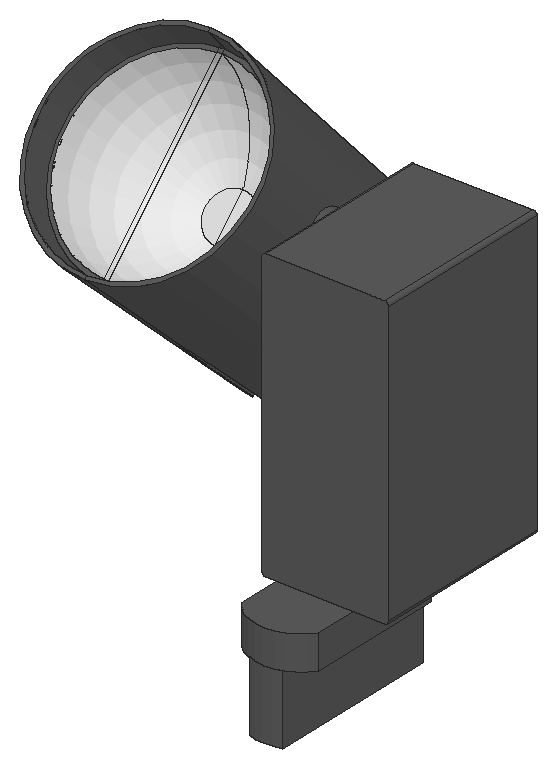
Revit family "0004852 Feilo Sylvania Lighting Fixture START TRACK SPOT S 24W 4K RA80 WB BLACK", category Lighting Fixtures, host Face, Revit 2017 (continued)
Definition of nested family "Start Track Spot Head"
  Types (96, lengths in mm): name | Wattage | built-in parameter 1150134 | Photometric Web File | Model | built-in parameter 1150105 | Lumens | built-in parameter 1150107 | built-in parameter 1150106 | HeadThickness_FEILO | HeadRibOffset_FEILO | HeadRibDepth_FEILO | HeadRibCutWidth_FEILO | HeadRibCutOffset_FEILO | HeadReflectorRadius_FEILO | HeadReflectorOffset_FEILO | HeadLEDRadius_FEILO | HeadHeight_FEILO | HeadDiffusorOffset_FEILO | HeadDiaOut_FEILO | HeadDiaIn_FEILO | HeadAxisFromTop_FEILO | Emit from Circle Diameter | built-in parameter 1150104 | Description | Apparent Load
    0004864 START TRACK SPOT S 24W 3K RA90 WB WHITE | 24 W | (empty or 0) | "0004864.ies" | "START TRACK SPOT S 24W 3K RA90 WB WHITE" | 152.79 (stored number, unit not read) | 1920 lm | 3000 (stored number, unit not read) | 1.5279 (stored number, unit not read) | 1.5 | 4.179 | 55.714 | 7.167 | 50.87 | 50.588 | 55.714 | 9.556 | 117 | 9.435 | 86 | 77.477 | 69.354 | 77.477 | 7.4322 (stored number, unit not read) | "Integrated LED spotlight, Textured White - RAL9016, compact and minimalist design, ideal for retail applications, die-cast aluminium body, passive cooling heatsink. Beam angle: 64°, color temperature: 3000K , total system power: 24W, total fixture output: 1928 lm, LOR: 100%, colour rendering: Ra: 90 typical, LED Chromaticity: 3 step MacAdam ellipse, lifetime: >50000 hours at L70B50, energy class: A++, A+, A, IR/UV free light source without heat radiation, operating voltage: 220-240V / 50-60Hz, drive current: 600mA, electronic driver, non-dimmable, power factor: 0.95, electrical protection: Class II, Global Track 3 Phase adapter suitable for Global trac 3-circuit tracks, ingress protection rating: IP20, suitable for internal environment only, horizontal rotation: 355°, vertical tilt: 90°, dimensions: Ø86x140x200, weight: 0.966kg." | 24 VA
    0004863 START TRACK SPOT S 24W 3K RA90 MB WHITE | 24 W | (empty or 0) | "0004863.ies" | "START TRACK SPOT S 24W 3K RA90 MB WHITE" | 154.7 (stored number, unit not read) | 1944 lm | 3000 (stored number, unit not read) | 1.547 (stored number, unit not read) | 1.5 | 4.179 | 55.714 | 7.167 | 50.87 | 50.588 | 55.714 | 9.556 | 117 | 9.435 | 86 | 77.477 | 69.354 | 77.477 | 7.5251 (stored number, unit not read) | "Integrated LED spotlight, Textured White - RAL9016, compact and minimalist design, ideal for retail applications, die-cast aluminium body, passive cooling heatsink. Beam angle: 36°, color temperature: 3000K , total system power: 24W, total fixture output: 1944 lm, LOR: 100%, colour rendering: Ra: 90 typical, LED Chromaticity: 3 step MacAdam ellipse, lifetime: >50000 hours at L70B50, energy class: A++, A+, A, IR/UV free light source without heat radiation, operating voltage: 220-240V / 50-60Hz, drive current: 600mA, electronic driver, non-dimmable, power factor: 0.95, electrical protection: Class II, Global Track 3 Phase adapter suitable for Global trac 3-circuit tracks, ingress protection rating: IP20, suitable for internal environment only, horizontal rotation: 355°, vertical tilt: 90°, dimensions: Ø86x140x200, weight: 0.966kg." | 24 VA
    0004862 START TRACK SPOT S 24W 3K RA90 NB WHITE | 24 W | (empty or 0) | "0004862.ies" | "START TRACK SPOT S 24W 3K RA90 NB WHITE" | 158.52 (stored number, unit not read) | 1992 lm | 3000 (stored number, unit not read) | 1.5852 (stored number, unit not read) | 1.5 | 4.179 | 55.714 | 7.167 | 50.87 | 50.588 | 55.714 | 9.556 | 117 | 9.435 | 86 | 77.477 | 69.354 | 77.477 | 7.711 (stored number, unit not read) | "Integrated LED spotlight, Textured White - RAL9016, compact and minimalist design, ideal for retail applications, die-cast aluminium body, passive cooling heatsink. Beam angle: 12°, color temperature: 3000K , total system power: 24W, total fixture output: 1987 lm, LOR: 100%, colour rendering: Ra: 90 typical, LED Chromaticity: 3 step MacAdam ellipse, lifetime: >50000 hours at L70B50, energy class: A++, A+, A, IR/UV free light source without heat radiation, operating voltage: 220-240V / 50-60Hz, drive current: 600mA, electronic driver, non-dimmable, power factor: 0.95, electrical protection: Class II, Global Track 3 Phase adapter suitable for Global trac 3-circuit tracks, ingress protection rating: IP20, suitable for internal environment only, horizontal rotation: 355°, vertical tilt: 90°, dimensions: Ø86x140x200, weight: 0.966kg." | 24 VA
    0004861 START TRACK SPOT S 14W 3K RA90 WB WHITE | 14 W | (empty or 0) | "0004861.ies" | "START TRACK SPOT S 14W 3K RA90 WB WHITE" | 100.27 (stored number, unit not read) | 1260 lm | 3000 (stored number, unit not read) | 1.0027 (stored number, unit not read) | 1.5 | 4.179 | 55.714 | 7.167 | 50.87 | 50.588 | 55.714 | 9.556 | 117 | 9.435 | 86 | 77.477 | 69.354 | 77.477 | 8.3613 (stored number, unit not read) | "Integrated LED spotlight, Textured White - RAL9016, compact and minimalist design, ideal for retail applications, die-cast aluminium body, passive cooling heatsink. Beam angle: 64°, color temperature: 3000K , total system power: 14W, total fixture output: 1262 lm, LOR: 100%, colour rendering: Ra: 90 typical, LED Chromaticity: 3 step MacAdam ellipse, lifetime: >50000 hours at L70B50, energy class: A++, A+, A, IR/UV free light source without heat radiation, operating voltage: 220-240V / 50-60Hz, drive current: 350mA, electronic driver, non-dimmable, power factor: 0.92, electrical protection: Class II, Global Track 3 Phase adapter suitable for Global trac 3-circuit tracks, ingress protection rating: IP20, suitable for internal environment only, horizontal rotation: 355°, vertical tilt: 90°, dimensions: Ø86x140x200, weight: 0.940kg." | 14 VA
    0004860 START TRACK SPOT S 14W 3K RA90 MB WHITE | 14 W | (empty or 0) | "0004860.ies" | "START TRACK SPOT S 14W 3K RA90 MB WHITE" | 100.27 (stored number, unit not read) | 1260 lm | 3000 (stored number, unit not read) | 1.0027 (stored number, unit not read) | 1.5 | 4.179 | 55.714 | 7.167 | 50.87 | 50.588 | 55.714 | 9.556 | 117 | 9.435 | 86 | 77.477 | 69.354 | 77.477 | 8.3613 (stored number, unit not read) | "Integrated LED spotlight, Textured White - RAL9016, compact and minimalist design, ideal for retail applications, die-cast aluminium body, passive cooling heatsink. Beam angle: 36°, color temperature: 3000K , total system power: 14W, total fixture output: 1262 lm, LOR: 100%, colour rendering: Ra: 90 typical, LED Chromaticity: 3 step MacAdam ellipse, lifetime: >50000 hours at L70B50, energy class: A++, A+, A, IR/UV free light source without heat radiation, operating voltage: 220-240V / 50-60Hz, drive current: 350mA, electronic driver, non-dimmable, power factor: 0.92, electrical protection: Class II, Global Track 3 Phase adapter suitable for Global trac 3-circuit tracks, ingress protection rating: IP20, suitable for internal environment only, horizontal rotation: 355°, vertical tilt: 90°, dimensions: Ø86x140x200, weight: 0.940kg." | 14 VA
    0004859 START TRACK SPOT S 14W 3K RA90 NB WHITE | 14 W | (empty or 0) | "0004859.ies" | "START TRACK SPOT S 14W 3K RA90 NB WHITE" | 102.5 (stored number, unit not read) | 1288 lm | 3000 (stored number, unit not read) | 1.025 (stored number, unit not read) | 1.5 | 4.179 | 55.714 | 7.167 | 50.87 | 50.588 | 55.714 | 9.556 | 117 | 9.435 | 86 | 77.477 | 69.354 | 77.477 | 8.5471 (stored number, unit not read) | "Integrated LED spotlight, Textured White - RAL9016, compact and minimalist design, ideal for retail applications, die-cast aluminium body, passive cooling heatsink. Beam angle: 12°, color temperature: 3000K , total system power: 14W, total fixture output: 1284 lm, LOR: 100%, colour rendering: Ra: 90 typical, LED Chromaticity: 3 step MacAdam ellipse, lifetime: >50000 hours at L70B50, energy class: A++, A+, A, IR/UV free light source without heat radiation, operating voltage: 220-240V / 50-60Hz, drive current: 350mA, electronic driver, non-dimmable, power factor: 0.92, electrical protection: Class II, Global Track 3 Phase adapter suitable for Global trac 3-circuit tracks, ingress protection rating: IP20, suitable for internal environment only, horizontal rotation: 355°, vertical tilt: 90°, dimensions: Ø86x140x200, weight: 0.940kg." | 14 VA
    0004858 START TRACK SPOT L 55W 4K RA80 WB BLACK | 55 W | 12 | "0004858.ies" | "START TRACK SPOT L 55W 4K RA80 WB BLACK" | 424.55 (stored number, unit not read) | 5335 lm | 4000 (stored number, unit not read) | 4.2455 (stored number, unit not read) | 2 | 4.429 | 59.048 | 9.417 | 53.913 | 66.471 | 59.048 | 12.556 | 124 | 10 | 113 | 101.802 | 73.503 | 101.802 | 9.0116 (stored number, unit not read) | "Integrated LED spotlight, Textured Black - RAL9005, compact and minimalist design, ideal for retail applications, die-cast aluminium body, passive cooling heatsink. Beam angle: 52°, color temperature: 4000K , total system power: 55W, total fixture output: 5320 lm, LOR: 100%, colour rendering: Ra: 80 typical, LED Chromaticity: 3 step MacAdam ellipse, lifetime: >50000 hours at L70B50, energy class: A++, A+, A, IR/UV free light source without heat radiation, operating voltage: 220-240V / 50-60Hz, drive current: 1400mA, electronic driver, non-dimmable, power factor: 0.96, electrical protection: Class II, Global Track 3 Phase adapter suitable for Global trac 3-circuit tracks, ingress protection rating: IP20, suitable for internal environment only, horizontal rotation: 355°, vertical tilt: 90°, dimensions: Ø113x164x240, weight: 1.398kg." | 55 VA
    0004857 START TRACK SPOT L 55W 4K RA80 MB BLACK | 55 W | 12 | "0004857.ies" | "START TRACK SPOT L 55W 4K RA80 MB BLACK" | 428.92 (stored number, unit not read) | 5390 lm | 4000 (stored number, unit not read) | 4.2892 (stored number, unit not read) | 2 | 4.429 | 59.048 | 9.417 | 53.913 | 66.471 | 59.048 | 12.556 | 124 | 10 | 113 | 101.802 | 73.503 | 101.802 | 9.1045 (stored number, unit not read) | "Integrated LED spotlight, Textured Black - RAL9005, compact and minimalist design, ideal for retail applications, die-cast aluminium body, passive cooling heatsink. Beam angle: 38°, color temperature: 4000K , total system power: 55W, total fixture output: 5378 lm, LOR: 100%, colour rendering: Ra: 80 typical, LED Chromaticity: 3 step MacAdam ellipse, lifetime: >50000 hours at L70B50, energy class: A++, A+, A, IR/UV free light source without heat radiation, operating voltage: 220-240V / 50-60Hz, drive current: 1400mA, electronic driver, non-dimmable, power factor: 0.96, electrical protection: Class II, Global Track 3 Phase adapter suitable for Global trac 3-circuit tracks, ingress protection rating: IP20, suitable for internal environment only, horizontal rotation: 355°, vertical tilt: 90°, dimensions: Ø113x164x240, weight: 1.398kg." | 55 VA
    0004856 START TRACK SPOT L 55W 4K RA80 NB BLACK | 55 W | 12 | "0004856.ies" | "START TRACK SPOT L 55W 4K RA80 NB BLACK" | 433.3 (stored number, unit not read) | 5445 lm | 4000 (stored number, unit not read) | 4.333 (stored number, unit not read) | 2 | 4.429 | 59.048 | 9.417 | 53.913 | 66.471 | 59.048 | 12.556 | 124 | 10 | 113 | 101.802 | 73.503 | 101.802 | 9.1974 (stored number, unit not read) | "Integrated LED spotlight, Textured Black - RAL9005, compact and minimalist design, ideal for retail applications, die-cast aluminium body, passive cooling heatsink. Beam angle: 15°, color temperature: 4000K , total system power: 55W, total fixture output: 5426 lm, LOR: 100%, colour rendering: Ra: 80 typical, LED Chromaticity: 3 step MacAdam ellipse, lifetime: >50000 hours at L70B50, energy class: A++, A+, A, IR/UV free light source without heat radiation, operating voltage: 220-240V / 50-60Hz, drive current: 1400mA, electronic driver, non-dimmable, power factor: 0.96, electrical protection: Class II, Global Track 3 Phase adapter suitable for Global trac 3-circuit tracks, ingress protection rating: IP20, suitable for internal environment only, horizontal rotation: 355°, vertical tilt: 90°, dimensions: Ø113x164x240, weight: 1.398kg." | 55 VA
    0004855 START TRACK SPOT L 35W 4K RA80 WB BLACK | 35 W | 12 | "0004855.ies" | "START TRACK SPOT L 35W 4K RA80 WB BLACK" | 320.3 (stored number, unit not read) | 4025 lm | 4000 (stored number, unit not read) | 3.203 (stored number, unit not read) | 2 | 4.429 | 59.048 | 9.417 | 53.913 | 66.471 | 59.048 | 12.556 | 124 | 10 | 113 | 101.802 | 73.503 | 101.802 | 10.684 (stored number, unit not read) | "Integrated LED spotlight, Textured Black - RAL9005, compact and minimalist design, ideal for retail applications, die-cast aluminium body, passive cooling heatsink. Beam angle: 52°, color temperature: 4000K , total system power: 35W, total fixture output: 4010 lm, LOR: 100%, colour rendering: Ra: 80 typical, LED Chromaticity: 3 step MacAdam ellipse, lifetime: >50000 hours at L70B50, energy class: A++, A+, A, IR/UV free light source without heat radiation, operating voltage: 220-240V / 50-60Hz, drive current: 900mA, electronic driver, non-dimmable, power factor: 0.93, electrical protection: Class II, Global Track 3 Phase adapter suitable for Global trac 3-circuit tracks, ingress protection rating: IP20, suitable for internal environment only, horizontal rotation: 355°, vertical tilt: 90°, dimensions: Ø113x164x240, weight: 1.368kg." | 35 VA
    0004854 START TRACK SPOT L 35W 4K RA80 MB BLACK | 35 W | 12 | "0004854.ies" | "START TRACK SPOT L 35W 4K RA80 MB BLACK" | 320.3 (stored number, unit not read) | 4025 lm | 4000 (stored number, unit not read) | 3.203 (stored number, unit not read) | 2 | 4.429 | 59.048 | 9.417 | 53.913 | 66.471 | 59.048 | 12.556 | 124 | 10 | 113 | 101.802 | 73.503 | 101.802 | 10.684 (stored number, unit not read) | "Integrated LED spotlight, Textured Black - RAL9005, compact and minimalist design, ideal for retail applications, die-cast aluminium body, passive cooling heatsink. Beam angle: 38°, color temperature: 4000K , total system power: 35W, total fixture output: 4017 lm, LOR: 100%, colour rendering: Ra: 80 typical, LED Chromaticity: 3 step MacAdam ellipse, lifetime: >50000 hours at L70B50, energy class: A++, A+, A, IR/UV free light source without heat radiation, operating voltage: 220-240V / 50-60Hz, drive current: 900mA, electronic driver, non-dimmable, power factor: 0.93, electrical protection: Class II, Global Track 3 Phase adapter suitable for Global trac 3-circuit tracks, ingress protection rating: IP20, suitable for internal environment only, horizontal rotation: 355°, vertical tilt: 90°, dimensions: Ø113x164x240, weight: 1.368kg." | 35 VA
    0004853 START TRACK SPOT L 35W 4K RA80 NB BLACK | 35 W | 12 | "0004853.ies" | "START TRACK SPOT L 35W 4K RA80 NB BLACK" | 331.44 (stored number, unit not read) | 4165 lm | 4000 (stored number, unit not read) | 3.3144 (stored number, unit not read) | 2 | 4.429 | 59.048 | 9.417 | 53.913 | 66.471 | 59.048 | 12.556 | 124 | 10 | 113 | 101.802 | 73.503 | 101.802 | 11.055 (stored number, unit not read) | "Integrated LED spotlight, Textured Black - RAL9005, compact and minimalist design, ideal for retail applications, die-cast aluminium body, passive cooling heatsink. Beam angle: 15°, color temperature: 4000K , total system power: 35W, total fixture output: 4174 lm, LOR: 100%, colour rendering: Ra: 80 typical, LED Chromaticity: 3 step MacAdam ellipse, lifetime: >50000 hours at L70B50, energy class: A++, A+, A, IR/UV free light source without heat radiation, operating voltage: 220-240V / 50-60Hz, drive current: 900mA, electronic driver, non-dimmable, power factor: 0.93, electrical protection: Class II, Global Track 3 Phase adapter suitable for Global trac 3-circuit tracks, ingress protection rating: IP20, suitable for internal environment only, horizontal rotation: 355°, vertical tilt: 90°, dimensions: Ø113x164x240, weight: 1.368kg." | 35 VA
    0004852 START TRACK SPOT S 24W 4K RA80 WB BLACK | 24 W | 12 | "0004852.ies" | "START TRACK SPOT S 24W 4K RA80 WB BLACK" | 196.72 (stored number, unit not read) | 2472 lm | 4000 (stored number, unit not read) | 1.9672 (stored number, unit not read) | 1.5 | 4.179 | 55.714 | 7.167 | 50.87 | 50.588 | 55.714 | 9.556 | 117 | 9.435 | 86 | 77.477 | 69.354 | 77.477 | 9.569 (stored number, unit not read) | "Integrated LED spotlight, Textured Black - RAL9005, compact and minimalist design, ideal for retail applications, die-cast aluminium body, passive cooling heatsink. Beam angle: 64°, color temperature: 4000K , total system power: 24W, total fixture output: 2476 lm, LOR: 100%, colour rendering: Ra: 80 typical, LED Chromaticity: 3 step MacAdam ellipse, lifetime: >50000 hours at L70B50, energy class: A++, A+, A, IR/UV free light source without heat radiation, operating voltage: 220-240V / 50-60Hz, drive current: 600mA, electronic driver, non-dimmable, power factor: 0.95, electrical protection: Class II, Global Track 3 Phase adapter suitable for Global trac 3-circuit tracks, ingress protection rating: IP20, suitable for internal environment only, horizontal rotation: 355°, vertical tilt: 90°, dimensions: Ø86x140x200, weight: 0.966kg." | 24 VA
    0004851 START TRACK SPOT S 24W 4K RA80 MB BLACK | 24 W | 12 | "0004851.ies" | "START TRACK SPOT S 24W 4K RA80 MB BLACK" | 198.63 (stored number, unit not read) | 2496 lm | 4000 (stored number, unit not read) | 1.9863 (stored number, unit not read) | 1.5 | 4.179 | 55.714 | 7.167 | 50.87 | 50.588 | 55.714 | 9.556 | 117 | 9.435 | 86 | 77.477 | 69.354 | 77.477 | 9.6619 (stored number, unit not read) | "Integrated LED spotlight, Textured Black - RAL9005, compact and minimalist design, ideal for retail applications, die-cast aluminium body, passive cooling heatsink. Beam angle: 36°, color temperature: 4000K , total system power: 24W, total fixture output: 2487 lm, LOR: 100%, colour rendering: Ra: 80 typical, LED Chromaticity: 3 step MacAdam ellipse, lifetime: >50000 hours at L70B50, energy class: A++, A+, A, IR/UV free light source without heat radiation, operating voltage: 220-240V / 50-60Hz, drive current: 600mA, electronic driver, non-dimmable, power factor: 0.95, electrical protection: Class II, Global Track 3 Phase adapter suitable for Global trac 3-circuit tracks, ingress protection rating: IP20, suitable for internal environment only, horizontal rotation: 355°, vertical tilt: 90°, dimensions: Ø86x140x200, weight: 0.966kg." | 24 VA
    0004850 START TRACK SPOT S 24W 4K RA80 NB BLACK | 24 W | 12 | "0004850.ies" | "START TRACK SPOT S 24W 4K RA80 NB BLACK" | 200.54 (stored number, unit not read) | 2520 lm | 4000 (stored number, unit not read) | 2.0054 (stored number, unit not read) | 1.5 | 4.179 | 55.714 | 7.167 | 50.87 | 50.588 | 55.714 | 9.556 | 117 | 9.435 | 86 | 77.477 | 69.354 | 77.477 | 9.7548 (stored number, unit not read) | "Integrated LED spotlight, Textured Black - RAL9005, compact and minimalist design, ideal for retail applications, die-cast aluminium body, passive cooling heatsink. Beam angle: 12°, color temperature: 4000K , total system power: 24W, total fixture output: 2529 lm, LOR: 100%, colour rendering: Ra: 80 typical, LED Chromaticity: 3 step MacAdam ellipse, lifetime: >50000 hours at L70B50, energy class: A++, A+, A, IR/UV free light source without heat radiation, operating voltage: 220-240V / 50-60Hz, drive current: 600mA, electronic driver, non-dimmable, power factor: 0.95, electrical protection: Class II, Global Track 3 Phase adapter suitable for Global trac 3-circuit tracks, ingress protection rating: IP20, suitable for internal environment only, horizontal rotation: 355°, vertical tilt: 90°, dimensions: Ø86x140x200, weight: 0.966kg." | 24 VA
    0004849 START TRACK SPOT S 14W 4K RA80 WB BLACK | 14 W | 12 | "0004849.ies" | "START TRACK SPOT S 14W 4K RA80 WB BLACK" | 123.66 (stored number, unit not read) | 1554 lm | 4000 (stored number, unit not read) | 1.2366 (stored number, unit not read) | 1.5 | 4.179 | 55.714 | 7.167 | 50.87 | 50.588 | 55.714 | 9.556 | 117 | 9.435 | 86 | 77.477 | 69.354 | 77.477 | 10.312 (stored number, unit not read) | "Integrated LED spotlight, Textured Black - RAL9005, compact and minimalist design, ideal for retail applications, die-cast aluminium body, passive cooling heatsink. Beam angle: 64°, color temperature: 4000K , total system power: 14W, total fixture output: 1558 lm, LOR: 100%, colour rendering: Ra: 80 typical, LED Chromaticity: 3 step MacAdam ellipse, lifetime: >50000 hours at L70B50, energy class: A++, A+, A, IR/UV free light source without heat radiation, operating voltage: 220-240V / 50-60Hz, drive current: 350mA, electronic driver, non-dimmable, power factor: 0.92, electrical protection: Class II, Global Track 3 Phase adapter suitable for Global trac 3-circuit tracks, ingress protection rating: IP20, suitable for internal environment only, horizontal rotation: 355°, vertical tilt: 90°, dimensions: Ø86x140x200, weight: 0.940kg." | 14 VA
    0004848 START TRACK SPOT S 14W 4K RA80 MB BLACK | 14 W | 12 | "0004848.ies" | "START TRACK SPOT S 14W 4K RA80 MB BLACK" | 127.01 (stored number, unit not read) | 1596 lm | 4000 (stored number, unit not read) | 1.2701 (stored number, unit not read) | 1.5 | 4.179 | 55.714 | 7.167 | 50.87 | 50.588 | 55.714 | 9.556 | 117 | 9.435 | 86 | 77.477 | 69.354 | 77.477 | 10.591 (stored number, unit not read) | "Integrated LED spotlight, Textured Black - RAL9005, compact and minimalist design, ideal for retail applications, die-cast aluminium body, passive cooling heatsink. Beam angle: 36°, color temperature: 4000K , total system power: 14W, total fixture output: 1598 lm, LOR: 100%, colour rendering: Ra: 80 typical, LED Chromaticity: 3 step MacAdam ellipse, lifetime: >50000 hours at L70B50, energy class: A++, A+, A, IR/UV free light source without heat radiation, operating voltage: 220-240V / 50-60Hz, drive current: 350mA, electronic driver, non-dimmable, power factor: 0.92, electrical protection: Class II, Global Track 3 Phase adapter suitable for Global trac 3-circuit tracks, ingress protection rating: IP20, suitable for internal environment only, horizontal rotation: 355°, vertical tilt: 90°, dimensions: Ø86x140x200, weight: 0.940kg." | 14 VA
    0004847 START TRACK SPOT S 14W 4K RA80 NB BLACK | 14 W | 12 | "0004847.ies" | "START TRACK SPOT S 14W 4K RA80 NB BLACK" | 128.12 (stored number, unit not read) | 1610 lm | 4000 (stored number, unit not read) | 1.2812 (stored number, unit not read) | 1.5 | 4.179 | 55.714 | 7.167 | 50.87 | 50.588 | 55.714 | 9.556 | 117 | 9.435 | 86 | 77.477 | 69.354 | 77.477 | 10.684 (stored number, unit not read) | "Integrated LED spotlight, Textured Black - RAL9005, compact and minimalist design, ideal for retail applications, die-cast aluminium body, passive cooling heatsink. Beam angle: 12°, color temperature: 4000K , total system power: 14W, total fixture output: 1608 lm, LOR: 100%, colour rendering: Ra: 80 typical, LED Chromaticity: 3 step MacAdam ellipse, lifetime: >50000 hours at L70B50, energy class: A++, A+, A, IR/UV free light source without heat radiation, operating voltage: 220-240V / 50-60Hz, drive current: 350mA, electronic driver, non-dimmable, power factor: 0.92, electrical protection: Class II, Global Track 3 Phase adapter suitable for Global trac 3-circuit tracks, ingress protection rating: IP20, suitable for internal environment only, horizontal rotation: 355°, vertical tilt: 90°, dimensions: Ø86x140x200, weight: 0.940kg." | 14 VA
    0004846 START TRACK SPOT L 55W 3K RA80 WB BLACK | 55 W | (empty or 0) | "0004846.ies" | "START TRACK SPOT L 55W 3K RA80 WB BLACK" | 420.17 (stored number, unit not read) | 5280 lm | 3000 (stored number, unit not read) | 4.2017 (stored number, unit not read) | 2 | 4.429 | 59.048 | 9.417 | 53.913 | 66.471 | 59.048 | 12.556 | 124 | 10 | 113 | 101.802 | 73.503 | 101.802 | 8.9187 (stored number, unit not read) | "Integrated LED spotlight, Textured Black - RAL9005, compact and minimalist design, ideal for retail applications, die-cast aluminium body, passive cooling heatsink. Beam angle: 52°, color temperature: 3000K , total system power: 55W, total fixture output: 5298 lm, LOR: 100%, colour rendering: Ra: 80 typical, LED Chromaticity: 3 step MacAdam ellipse, lifetime: >50000 hours at L70B50, energy class: A++, A+, A, IR/UV free light source without heat radiation, operating voltage: 220-240V / 50-60Hz, drive current: 1400mA, electronic driver, non-dimmable, power factor: 0.96, electrical protection: Class II, Global Track 3 Phase adapter suitable for Global trac 3-circuit tracks, ingress protection rating: IP20, suitable for internal environment only, horizontal rotation: 355°, vertical tilt: 90°, dimensions: Ø113x164x240, weight: 1.398kg." | 55 VA
    0004845 START TRACK SPOT L 55W 3K RA80 MB BLACK | 55 W | (empty or 0) | "0004845.ies" | "START TRACK SPOT L 55W 3K RA80 MB BLACK" | 428.92 (stored number, unit not read) | 5390 lm | 3000 (stored number, unit not read) | 4.2892 (stored number, unit not read) | 2 | 4.429 | 59.048 | 9.417 | 53.913 | 66.471 | 59.048 | 12.556 | 124 | 10 | 113 | 101.802 | 73.503 | 101.802 | 9.1045 (stored number, unit not read) | "Integrated LED spotlight, Textured Black - RAL9005, compact and minimalist design, ideal for retail applications, die-cast aluminium body, passive cooling heatsink. Beam angle: 38°, color temperature: 3000K , total system power: 55W, total fixture output: 5381 lm, LOR: 100%, colour rendering: Ra: 80 typical, LED Chromaticity: 3 step MacAdam ellipse, lifetime: >50000 hours at L70B50, energy class: A++, A+, A, IR/UV free light source without heat radiation, operating voltage: 220-240V / 50-60Hz, drive current: 1400mA, electronic driver, non-dimmable, power factor: 0.96, electrical protection: Class II, Global Track 3 Phase adapter suitable for Global trac 3-circuit tracks, ingress protection rating: IP20, suitable for internal environment only, horizontal rotation: 355°, vertical tilt: 90°, dimensions: Ø113x164x240, weight: 1.398kg." | 55 VA
    0004844 START TRACK SPOT L 55W 3K RA80 NB BLACK | 55 W | (empty or 0) | "0004844.ies" | "START TRACK SPOT L 55W 3K RA80 NB BLACK" | 433.3 (stored number, unit not read) | 5445 lm | 3000 (stored number, unit not read) | 4.333 (stored number, unit not read) | 2 | 4.429 | 59.048 | 9.417 | 53.913 | 66.471 | 59.048 | 12.556 | 124 | 10 | 113 | 101.802 | 73.503 | 101.802 | 9.1974 (stored number, unit not read) | "Integrated LED spotlight, Textured Black - RAL9005, compact and minimalist design, ideal for retail applications, die-cast aluminium body, passive cooling heatsink. Beam angle: 15°, color temperature: 3000K , total system power: 55W, total fixture output: 5449 lm, LOR: 100%, colour rendering: Ra: 80 typical, LED Chromaticity: 3 step MacAdam ellipse, lifetime: >50000 hours at L70B50, energy class: A++, A+, A, IR/UV free light source without heat radiation, operating voltage: 220-240V / 50-60Hz, drive current: 1400mA, electronic driver, non-dimmable, power factor: 0.96, electrical protection: Class II, Global Track 3 Phase adapter suitable for Global trac 3-circuit tracks, ingress protection rating: IP20, suitable for internal environment only, horizontal rotation: 355°, vertical tilt: 90°, dimensions: Ø113x164x240, weight: 1.398kg." | 55 VA
    0004843 START TRACK SPOT L 35W 3K RA80 WB BLACK | 35 W | (empty or 0) | "0004843.ies" | "START TRACK SPOT L 35W 3K RA80 WB BLACK" | 314.73 (stored number, unit not read) | 3955 lm | 3000 (stored number, unit not read) | 3.1473 (stored number, unit not read) | 2 | 4.429 | 59.048 | 9.417 | 53.913 | 66.471 | 59.048 | 12.556 | 124 | 10 | 113 | 101.802 | 73.503 | 101.802 | 10.498 (stored number, unit not read) | "Integrated LED spotlight, Textured Black - RAL9005, compact and minimalist design, ideal for retail applications, die-cast aluminium body, passive cooling heatsink. Beam angle: 52°, color temperature: 3000K , total system power: 35W, total fixture output: 3943 lm, LOR: 100%, colour rendering: Ra: 80 typical, LED Chromaticity: 3 step MacAdam ellipse, lifetime: >50000 hours at L70B50, energy class: A++, A+, A, IR/UV free light source without heat radiation, operating voltage: 220-240V / 50-60Hz, drive current: 900mA, electronic driver, non-dimmable, power factor: 0.93, electrical protection: Class II, Global Track 3 Phase adapter suitable for Global trac 3-circuit tracks, ingress protection rating: IP20, suitable for internal environment only, horizontal rotation: 355°, vertical tilt: 90°, dimensions: Ø113x164x240, weight: 1.368kg." | 35 VA
    0004842 START TRACK SPOT L 35W 3K RA80 MB BLACK | 35 W | (empty or 0) | "0004842.ies" | "START TRACK SPOT L 35W 3K RA80 MB BLACK" | 320.3 (stored number, unit not read) | 4025 lm | 3000 (stored number, unit not read) | 3.203 (stored number, unit not read) | 2 | 4.429 | 59.048 | 9.417 | 53.913 | 66.471 | 59.048 | 12.556 | 124 | 10 | 113 | 101.802 | 73.503 | 101.802 | 10.684 (stored number, unit not read) | "Integrated LED spotlight, Textured Black - RAL9005, compact and minimalist design, ideal for retail applications, die-cast aluminium body, passive cooling heatsink. Beam angle: 38°, color temperature: 3000K , total system power: 35W, total fixture output: 4008 lm, LOR: 100%, colour rendering: Ra: 80 typical, LED Chromaticity: 3 step MacAdam ellipse, lifetime: >50000 hours at L70B50, energy class: A++, A+, A, IR/UV free light source without heat radiation, operating voltage: 220-240V / 50-60Hz, drive current: 900mA, electronic driver, non-dimmable, power factor: 0.93, electrical protection: Class II, Global Track 3 Phase adapter suitable for Global trac 3-circuit tracks, ingress protection rating: IP20, suitable for internal environment only, horizontal rotation: 355°, vertical tilt: 90°, dimensions: Ø113x164x240, weight: 1.368kg." | 35 VA
    0004841 START TRACK SPOT L 35W 3K RA80 NB BLACK | 35 W | (empty or 0) | "0004841.ies" | "START TRACK SPOT L 35W 3K RA80 NB BLACK" | 317.51 (stored number, unit not read) | 3990 lm | 3000 (stored number, unit not read) | 3.1751 (stored number, unit not read) | 2 | 4.429 | 59.048 | 9.417 | 53.913 | 66.471 | 59.048 | 12.556 | 124 | 10 | 113 | 101.802 | 73.503 | 101.802 | 10.591 (stored number, unit not read) | "Integrated LED spotlight, Textured Black - RAL9005, compact and minimalist design, ideal for retail applications, die-cast aluminium body, passive cooling heatsink. Beam angle: 15°, color temperature: 3000K , total system power: 35W, total fixture output: 4005 lm, LOR: 100%, colour rendering: Ra: 80 typical, LED Chromaticity: 3 step MacAdam ellipse, lifetime: >50000 hours at L70B50, energy class: A++, A+, A, IR/UV free light source without heat radiation, operating voltage: 220-240V / 50-60Hz, drive current: 900mA, electronic driver, non-dimmable, power factor: 0.93, electrical protection: Class II, Global Track 3 Phase adapter suitable for Global trac 3-circuit tracks, ingress protection rating: IP20, suitable for internal environment only, horizontal rotation: 355°, vertical tilt: 90°, dimensions: Ø113x164x240, weight: 1.368kg." | 35 VA
    0004840 START TRACK SPOT S 24W 3K RA80 WB BLACK | 24 W | (empty or 0) | "0004840.ies" | "START TRACK SPOT S 24W 3K RA80 WB BLACK" | 185.26 (stored number, unit not read) | 2328 lm | 3000 (stored number, unit not read) | 1.8526 (stored number, unit not read) | 1.5 | 4.179 | 55.714 | 7.167 | 50.87 | 50.588 | 55.714 | 9.556 | 117 | 9.435 | 86 | 77.477 | 69.354 | 77.477 | 9.0116 (stored number, unit not read) | "Integrated LED spotlight, Textured Black - RAL9005, compact and minimalist design, ideal for retail applications, die-cast aluminium body, passive cooling heatsink. Beam angle: 64°, color temperature: 3000K , total system power: 24W, total fixture output: 2318 lm, LOR: 100%, colour rendering: Ra: 80 typical, LED Chromaticity: 3 step MacAdam ellipse, lifetime: >50000 hours at L70B50, energy class: A++, A+, A, IR/UV free light source without heat radiation, operating voltage: 220-240V / 50-60Hz, drive current: 600mA, electronic driver, non-dimmable, power factor: 0.95, electrical protection: Class II, Global Track 3 Phase adapter suitable for Global trac 3-circuit tracks, ingress protection rating: IP20, suitable for internal environment only, horizontal rotation: 355°, vertical tilt: 90°, dimensions: Ø86x140x200, weight: 0.966kg." | 24 VA
    0004839 START TRACK SPOT S 24W 3K RA80 MB BLACK | 24 W | (empty or 0) | "0004839.ies" | "START TRACK SPOT S 24W 3K RA80 MB BLACK" | 183.35 (stored number, unit not read) | 2304 lm | 3000 (stored number, unit not read) | 1.8335 (stored number, unit not read) | 1.5 | 4.179 | 55.714 | 7.167 | 50.87 | 50.588 | 55.714 | 9.556 | 117 | 9.435 | 86 | 77.477 | 69.354 | 77.477 | 8.9187 (stored number, unit not read) | "Integrated LED spotlight, Textured Black - RAL9005, compact and minimalist design, ideal for retail applications, die-cast aluminium body, passive cooling heatsink. Beam angle: 36°, color temperature: 3000K , total system power: 24W, total fixture output: 2314 lm, LOR: 100%, colour rendering: Ra: 80 typical, LED Chromaticity: 3 step MacAdam ellipse, lifetime: >50000 hours at L70B50, energy class: A++, A+, A, IR/UV free light source without heat radiation, operating voltage: 220-240V / 50-60Hz, drive current: 600mA, electronic driver, non-dimmable, power factor: 0.95, electrical protection: Class II, Global Track 3 Phase adapter suitable for Global trac 3-circuit tracks, ingress protection rating: IP20, suitable for internal environment only, horizontal rotation: 355°, vertical tilt: 90°, dimensions: Ø86x140x200, weight: 0.966kg." | 24 VA
    0004838 START TRACK SPOT S 24W 3K RA80 NB BLACK | 24 W | (empty or 0) | "0004838.ies" | "START TRACK SPOT S 24W 3K RA80 NB BLACK" | 185.26 (stored number, unit not read) | 2328 lm | 3000 (stored number, unit not read) | 1.8526 (stored number, unit not read) | 1.5 | 4.179 | 55.714 | 7.167 | 50.87 | 50.588 | 55.714 | 9.556 | 117 | 9.435 | 86 | 77.477 | 69.354 | 77.477 | 9.0116 (stored number, unit not read) | "Integrated LED spotlight, Textured Black - RAL9005, compact and minimalist design, ideal for retail applications, die-cast aluminium body, passive cooling heatsink. Beam angle: 12°, color temperature: 3000K , total system power: 24W, total fixture output: 2334 lm, LOR: 100%, colour rendering: Ra: 80 typical, LED Chromaticity: 3 step MacAdam ellipse, lifetime: >50000 hours at L70B50, energy class: A++, A+, A, IR/UV free light source without heat radiation, operating voltage: 220-240V / 50-60Hz, drive current: 600mA, electronic driver, non-dimmable, power factor: 0.95, electrical protection: Class II, Global Track 3 Phase adapter suitable for Global trac 3-circuit tracks, ingress protection rating: IP20, suitable for internal environment only, horizontal rotation: 355°, vertical tilt: 90°, dimensions: Ø86x140x200, weight: 0.966kg." | 24 VA
    0004837 START TRACK SPOT S 14W 3K RA80 WB BLACK | 14 W | (empty or 0) | "0004837.ies" | "START TRACK SPOT S 14W 3K RA80 WB BLACK" | 119.21 (stored number, unit not read) | 1498 lm | 3000 (stored number, unit not read) | 1.1921 (stored number, unit not read) | 1.5 | 4.179 | 55.714 | 7.167 | 50.87 | 50.588 | 55.714 | 9.556 | 117 | 9.435 | 86 | 77.477 | 69.354 | 77.477 | 9.9406 (stored number, unit not read) | "Integrated LED spotlight, Textured Black - RAL9005, compact and minimalist design, ideal for retail applications, die-cast aluminium body, passive cooling heatsink. Beam angle: 64°, color temperature: 3000K , total system power: 14W, total fixture output: 1498 lm, LOR: 100%, colour rendering: Ra: 80 typical, LED Chromaticity: 3 step MacAdam ellipse, lifetime: >50000 hours at L70B50, energy class: A++, A+, A, IR/UV free light source without heat radiation, operating voltage: 220-240V / 50-60Hz, drive current: 350mA, electronic driver, non-dimmable, power factor: 0.92, electrical protection: Class II, Global Track 3 Phase adapter suitable for Global trac 3-circuit tracks, ingress protection rating: IP20, suitable for internal environment only, horizontal rotation: 355°, vertical tilt: 90°, dimensions: Ø86x140x200, weight: 0.940kg." | 14 VA
    0004836 START TRACK SPOT S 14W 3K RA80 MB BLACK | 14 W | (empty or 0) | "0004836.ies" | "START TRACK SPOT S 14W 3K RA80 MB BLACK" | 120.32 (stored number, unit not read) | 1512 lm | 3000 (stored number, unit not read) | 1.2032 (stored number, unit not read) | 1.5 | 4.179 | 55.714 | 7.167 | 50.87 | 50.588 | 55.714 | 9.556 | 117 | 9.435 | 86 | 77.477 | 69.354 | 77.477 | 10.034 (stored number, unit not read) | "Integrated LED spotlight, Textured Black - RAL9005, compact and minimalist design, ideal for retail applications, die-cast aluminium body, passive cooling heatsink. Beam angle: 36°, color temperature: 3000K , total system power: 14W, total fixture output: 1508 lm, LOR: 100%, colour rendering: Ra: 80 typical, LED Chromaticity: 3 step MacAdam ellipse, lifetime: >50000 hours at L70B50, energy class: A++, A+, A, IR/UV free light source without heat radiation, operating voltage: 220-240V / 50-60Hz, drive current: 350mA, electronic driver, non-dimmable, power factor: 0.92, electrical protection: Class II, Global Track 3 Phase adapter suitable for Global trac 3-circuit tracks, ingress protection rating: IP20, suitable for internal environment only, horizontal rotation: 355°, vertical tilt: 90°, dimensions: Ø86x140x200, weight: 0.940kg." | 14 VA
    0004835 START TRACK SPOT S 14W 3K RA80 NB BLACK | 14 W | (empty or 0) | "0004835.ies" | "START TRACK SPOT S 14W 3K RA80 NB BLACK" | 123.66 (stored number, unit not read) | 1554 lm | 3000 (stored number, unit not read) | 1.2366 (stored number, unit not read) | 1.5 | 4.179 | 55.714 | 7.167 | 50.87 | 50.588 | 55.714 | 9.556 | 117 | 9.435 | 86 | 77.477 | 69.354 | 77.477 | 10.312 (stored number, unit not read) | "Integrated LED spotlight, Textured Black - RAL9005, compact and minimalist design, ideal for retail applications, die-cast aluminium body, passive cooling heatsink. Beam angle: 12°, color temperature: 3000K , total system power: 14W, total fixture output: 1551 lm, LOR: 100%, colour rendering: Ra: 80 typical, LED Chromaticity: 3 step MacAdam ellipse, lifetime: >50000 hours at L70B50, energy class: A++, A+, A, IR/UV free light source without heat radiation, operating voltage: 220-240V / 50-60Hz, drive current: 350mA, electronic driver, non-dimmable, power factor: 0.92, electrical protection: Class II, Global Track 3 Phase adapter suitable for Global trac 3-circuit tracks, ingress protection rating: IP20, suitable for internal environment only, horizontal rotation: 355°, vertical tilt: 90°, dimensions: Ø86x140x200, weight: 0.940kg." | 14 VA
    0004834 START TRACK SPOT L 55W 4K RA80 WB WHITE | 55 W | 12 | "0004834.ies" | "START TRACK SPOT L 55W 4K RA80 WB WHITE" | 424.55 (stored number, unit not read) | 5335 lm | 4000 (stored number, unit not read) | 4.2455 (stored number, unit not read) | 2 | 4.429 | 59.048 | 9.417 | 53.913 | 66.471 | 59.048 | 12.556 | 124 | 10 | 113 | 101.802 | 73.503 | 101.802 | 9.0116 (stored number, unit not read) | "Integrated LED spotlight, Textured White - RAL9016, compact and minimalist design, ideal for retail applications, die-cast aluminium body, passive cooling heatsink. Beam angle: 52°, color temperature: 4000K , total system power: 55W, total fixture output: 5320 lm, LOR: 100%, colour rendering: Ra: 80 typical, LED Chromaticity: 3 step MacAdam ellipse, lifetime: >50000 hours at L70B50, energy class: A++, A+, A, IR/UV free light source without heat radiation, operating voltage: 220-240V / 50-60Hz, drive current: 1400mA, electronic driver, non-dimmable, power factor: 0.96, electrical protection: Class II, Global Track 3 Phase adapter suitable for Global trac 3-circuit tracks, ingress protection rating: IP20, suitable for internal environment only, horizontal rotation: 355°, vertical tilt: 90°, dimensions: Ø113x164x240, weight: 1.398kg." | 55 VA
    0004833 START TRACK SPOT L 55W 4K RA80 MB WHITE | 55 W | 12 | "0004833.ies" | "START TRACK SPOT L 55W 4K RA80 MB WHITE" | 428.92 (stored number, unit not read) | 5390 lm | 4000 (stored number, unit not read) | 4.2892 (stored number, unit not read) | 2 | 4.429 | 59.048 | 9.417 | 53.913 | 66.471 | 59.048 | 12.556 | 124 | 10 | 113 | 101.802 | 73.503 | 101.802 | 9.1045 (stored number, unit not read) | "Integrated LED spotlight, Textured White - RAL9016, compact and minimalist design, ideal for retail applications, die-cast aluminium body, passive cooling heatsink. Beam angle: 38°, color temperature: 4000K , total system power: 55W, total fixture output: 5378 lm, LOR: 100%, colour rendering: Ra: 80 typical, LED Chromaticity: 3 step MacAdam ellipse, lifetime: >50000 hours at L70B50, energy class: A++, A+, A, IR/UV free light source without heat radiation, operating voltage: 220-240V / 50-60Hz, drive current: 1400mA, electronic driver, non-dimmable, power factor: 0.96, electrical protection: Class II, Global Track 3 Phase adapter suitable for Global trac 3-circuit tracks, ingress protection rating: IP20, suitable for internal environment only, horizontal rotation: 355°, vertical tilt: 90°, dimensions: Ø113x164x240, weight: 1.398kg." | 55 VA
    0004832 START TRACK SPOT L 55W 4K RA80 NB WHITE | 55 W | 12 | "0004832.ies" | "START TRACK SPOT L 55W 4K RA80 NB WHITE" | 433.3 (stored number, unit not read) | 5445 lm | 4000 (stored number, unit not read) | 4.333 (stored number, unit not read) | 2 | 4.429 | 59.048 | 9.417 | 53.913 | 66.471 | 59.048 | 12.556 | 124 | 10 | 113 | 101.802 | 73.503 | 101.802 | 9.1974 (stored number, unit not read) | "Integrated LED spotlight, Textured White - RAL9016, compact and minimalist design, ideal for retail applications, die-cast aluminium body, passive cooling heatsink. Beam angle: 15°, color temperature: 4000K , total system power: 55W, total fixture output: 5426 lm, LOR: 100%, colour rendering: Ra: 80 typical, LED Chromaticity: 3 step MacAdam ellipse, lifetime: >50000 hours at L70B50, energy class: A++, A+, A, IR/UV free light source without heat radiation, operating voltage: 220-240V / 50-60Hz, drive current: 1400mA, electronic driver, non-dimmable, power factor: 0.96, electrical protection: Class II, Global Track 3 Phase adapter suitable for Global trac 3-circuit tracks, ingress protection rating: IP20, suitable for internal environment only, horizontal rotation: 355°, vertical tilt: 90°, dimensions: Ø113x164x240, weight: 1.398kg." | 55 VA
    0004831 START TRACK SPOT L 35W 4K RA80 WB WHITE | 35 W | 12 | "0004831.ies" | "START TRACK SPOT L 35W 4K RA80 WB WHITE" | 320.3 (stored number, unit not read) | 4025 lm | 4000 (stored number, unit not read) | 3.203 (stored number, unit not read) | 2 | 4.429 | 59.048 | 9.417 | 53.913 | 66.471 | 59.048 | 12.556 | 124 | 10 | 113 | 101.802 | 73.503 | 101.802 | 10.684 (stored number, unit not read) | "Integrated LED spotlight, Textured White - RAL9016, compact and minimalist design, ideal for retail applications, die-cast aluminium body, passive cooling heatsink. Beam angle: 52°, color temperature: 4000K , total system power: 35W, total fixture output: 4010 lm, LOR: 100%, colour rendering: Ra: 80 typical, LED Chromaticity: 3 step MacAdam ellipse, lifetime: >50000 hours at L70B50, energy class: A++, A+, A, IR/UV free light source without heat radiation, operating voltage: 220-240V / 50-60Hz, drive current: 900mA, electronic driver, non-dimmable, power factor: 0.93, electrical protection: Class II, Global Track 3 Phase adapter suitable for Global trac 3-circuit tracks, ingress protection rating: IP20, suitable for internal environment only, horizontal rotation: 355°, vertical tilt: 90°, dimensions: Ø113x164x240, weight: 1.368kg." | 35 VA
    0004830 START TRACK SPOT L 35W 4K RA80 MB WHITE | 35 W | 12 | "0004830.ies" | "START TRACK SPOT L 35W 4K RA80 MB WHITE" | 320.3 (stored number, unit not read) | 4025 lm | 4000 (stored number, unit not read) | 3.203 (stored number, unit not read) | 2 | 4.429 | 59.048 | 9.417 | 53.913 | 66.471 | 59.048 | 12.556 | 124 | 10 | 113 | 101.802 | 73.503 | 101.802 | 10.684 (stored number, unit not read) | "Integrated LED spotlight, Textured White - RAL9016, compact and minimalist design, ideal for retail applications, die-cast aluminium body, passive cooling heatsink. Beam angle: 38°, color temperature: 4000K , total system power: 35W, total fixture output: 4017 lm, LOR: 100%, colour rendering: Ra: 80 typical, LED Chromaticity: 3 step MacAdam ellipse, lifetime: >50000 hours at L70B50, energy class: A++, A+, A, IR/UV free light source without heat radiation, operating voltage: 220-240V / 50-60Hz, drive current: 900mA, electronic driver, non-dimmable, power factor: 0.93, electrical protection: Class II, Global Track 3 Phase adapter suitable for Global trac 3-circuit tracks, ingress protection rating: IP20, suitable for internal environment only, horizontal rotation: 355°, vertical tilt: 90°, dimensions: Ø113x164x240, weight: 1.368kg." | 35 VA
    0004829 START TRACK SPOT L 35W 4K RA80 NB WHITE | 35 W | 12 | "0004829.ies" | "START TRACK SPOT L 35W 4K RA80 NB WHITE" | 331.44 (stored number, unit not read) | 4165 lm | 4000 (stored number, unit not read) | 3.3144 (stored number, unit not read) | 2 | 4.429 | 59.048 | 9.417 | 53.913 | 66.471 | 59.048 | 12.556 | 124 | 10 | 113 | 101.802 | 73.503 | 101.802 | 11.055 (stored number, unit not read) | "Integrated LED spotlight, Textured White - RAL9016, compact and minimalist design, ideal for retail applications, die-cast aluminium body, passive cooling heatsink. Beam angle: 15°, color temperature: 4000K , total system power: 35W, total fixture output: 4174 lm, LOR: 100%, colour rendering: Ra: 80 typical, LED Chromaticity: 3 step MacAdam ellipse, lifetime: >50000 hours at L70B50, energy class: A++, A+, A, IR/UV free light source without heat radiation, operating voltage: 220-240V / 50-60Hz, drive current: 900mA, electronic driver, non-dimmable, power factor: 0.93, electrical protection: Class II, Global Track 3 Phase adapter suitable for Global trac 3-circuit tracks, ingress protection rating: IP20, suitable for internal environment only, horizontal rotation: 355°, vertical tilt: 90°, dimensions: Ø113x164x240, weight: 1.368kg." | 35 VA
    0004828 START TRACK SPOT S 24W 4K RA80 WB WHITE | 24 W | 12 | "0004828.ies" | "START TRACK SPOT S 24W 4K RA80 WB WHITE" | 196.72 (stored number, unit not read) | 2472 lm | 4000 (stored number, unit not read) | 1.9672 (stored number, unit not read) | 1.5 | 4.179 | 55.714 | 7.167 | 50.87 | 50.588 | 55.714 | 9.556 | 117 | 9.435 | 86 | 77.477 | 69.354 | 77.477 | 9.569 (stored number, unit not read) | "Integrated LED spotlight, Textured White - RAL9016, compact and minimalist design, ideal for retail applications, die-cast aluminium body, passive cooling heatsink. Beam angle: 64°, color temperature: 4000K , total system power: 24W, total fixture output: 2476 lm, LOR: 100%, colour rendering: Ra: 80 typical, LED Chromaticity: 3 step MacAdam ellipse, lifetime: >50000 hours at L70B50, energy class: A++, A+, A, IR/UV free light source without heat radiation, operating voltage: 220-240V / 50-60Hz, drive current: 600mA, electronic driver, non-dimmable, power factor: 0.95, electrical protection: Class II, Global Track 3 Phase adapter suitable for Global trac 3-circuit tracks, ingress protection rating: IP20, suitable for internal environment only, horizontal rotation: 355°, vertical tilt: 90°, dimensions: Ø86x140x200, weight: 0.966kg." | 24 VA
    0004827 START TRACK SPOT S 24W 4K RA80 MB WHITE | 24 W | 12 | "0004827.ies" | "START TRACK SPOT S 24W 4K RA80 MB WHITE" | 198.63 (stored number, unit not read) | 2496 lm | 4000 (stored number, unit not read) | 1.9863 (stored number, unit not read) | 1.5 | 4.179 | 55.714 | 7.167 | 50.87 | 50.588 | 55.714 | 9.556 | 117 | 9.435 | 86 | 77.477 | 69.354 | 77.477 | 9.6619 (stored number, unit not read) | "Integrated LED spotlight, Textured White - RAL9016, compact and minimalist design, ideal for retail applications, die-cast aluminium body, passive cooling heatsink. Beam angle: 36°, color temperature: 4000K , total system power: 24W, total fixture output: 2487 lm, LOR: 100%, colour rendering: Ra: 80 typical, LED Chromaticity: 3 step MacAdam ellipse, lifetime: >50000 hours at L70B50, energy class: A++, A+, A, IR/UV free light source without heat radiation, operating voltage: 220-240V / 50-60Hz, drive current: 600mA, electronic driver, non-dimmable, power factor: 0.95, electrical protection: Class II, Global Track 3 Phase adapter suitable for Global trac 3-circuit tracks, ingress protection rating: IP20, suitable for internal environment only, horizontal rotation: 355°, vertical tilt: 90°, dimensions: Ø86x140x200, weight: 0.966kg." | 24 VA
    0004826 START TRACK SPOT S 24W 4K RA80 NB WHITE | 24 W | 12 | "0004826.ies" | "START TRACK SPOT S 24W 4K RA80 NB WHITE" | 200.54 (stored number, unit not read) | 2520 lm | 4000 (stored number, unit not read) | 2.0054 (stored number, unit not read) | 1.5 | 4.179 | 55.714 | 7.167 | 50.87 | 50.588 | 55.714 | 9.556 | 117 | 9.435 | 86 | 77.477 | 69.354 | 77.477 | 9.7548 (stored number, unit not read) | "Integrated LED spotlight, Textured White - RAL9016, compact and minimalist design, ideal for retail applications, die-cast aluminium body, passive cooling heatsink. Beam angle: 12°, color temperature: 4000K , total system power: 24W, total fixture output: 2529 lm, LOR: 100%, colour rendering: Ra: 80 typical, LED Chromaticity: 3 step MacAdam ellipse, lifetime: >50000 hours at L70B50, energy class: A++, A+, A, IR/UV free light source without heat radiation, operating voltage: 220-240V / 50-60Hz, drive current: 600mA, electronic driver, non-dimmable, power factor: 0.95, electrical protection: Class II, Global Track 3 Phase adapter suitable for Global trac 3-circuit tracks, ingress protection rating: IP20, suitable for internal environment only, horizontal rotation: 355°, vertical tilt: 90°, dimensions: Ø86x140x200, weight: 0.966kg." | 24 VA
    0004825 START TRACK SPOT S 14W 4K RA80 WB WHITE | 14 W | 12 | "0004825.ies" | "START TRACK SPOT S 14W 4K RA80 WB WHITE" | 123.66 (stored number, unit not read) | 1554 lm | 4000 (stored number, unit not read) | 1.2366 (stored number, unit not read) | 1.5 | 4.179 | 55.714 | 7.167 | 50.87 | 50.588 | 55.714 | 9.556 | 117 | 9.435 | 86 | 77.477 | 69.354 | 77.477 | 10.312 (stored number, unit not read) | "Integrated LED spotlight, Textured White - RAL9016, compact and minimalist design, ideal for retail applications, die-cast aluminium body, passive cooling heatsink. Beam angle: 64°, color temperature: 4000K , total system power: 14W, total fixture output: 1558 lm, LOR: 100%, colour rendering: Ra: 80 typical, LED Chromaticity: 3 step MacAdam ellipse, lifetime: >50000 hours at L70B50, energy class: A++, A+, A, IR/UV free light source without heat radiation, operating voltage: 220-240V / 50-60Hz, drive current: 350mA, electronic driver, non-dimmable, power factor: 0.92, electrical protection: Class II, Global Track 3 Phase adapter suitable for Global trac 3-circuit tracks, ingress protection rating: IP20, suitable for internal environment only, horizontal rotation: 355°, vertical tilt: 90°, dimensions: Ø86x140x200, weight: 0.940kg." | 14 VA
    0004824 START TRACK SPOT S 14W 4K RA80 MB WHITE | 14 W | 12 | "0004824.ies" | "START TRACK SPOT S 14W 4K RA80 MB WHITE" | 127.01 (stored number, unit not read) | 1596 lm | 4000 (stored number, unit not read) | 1.2701 (stored number, unit not read) | 1.5 | 4.179 | 55.714 | 7.167 | 50.87 | 50.588 | 55.714 | 9.556 | 117 | 9.435 | 86 | 77.477 | 69.354 | 77.477 | 10.591 (stored number, unit not read) | "Integrated LED spotlight, Textured White - RAL9016, compact and minimalist design, ideal for retail applications, die-cast aluminium body, passive cooling heatsink. Beam angle: 36°, color temperature: 4000K , total system power: 14W, total fixture output: 1598 lm, LOR: 100%, colour rendering: Ra: 80 typical, LED Chromaticity: 3 step MacAdam ellipse, lifetime: >50000 hours at L70B50, energy class: A++, A+, A, IR/UV free light source without heat radiation, operating voltage: 220-240V / 50-60Hz, drive current: 350mA, electronic driver, non-dimmable, power factor: 0.92, electrical protection: Class II, Global Track 3 Phase adapter suitable for Global trac 3-circuit tracks, ingress protection rating: IP20, suitable for internal environment only, horizontal rotation: 355°, vertical tilt: 90°, dimensions: Ø86x140x200, weight: 0.940kg." | 14 VA
    0004823 START TRACK SPOT S 14W 4K RA80 NB WHITE | 14 W | 12 | "0004823.ies" | "START TRACK SPOT S 14W 4K RA80 NB WHITE" | 128.12 (stored number, unit not read) | 1610 lm | 4000 (stored number, unit not read) | 1.2812 (stored number, unit not read) | 1.5 | 4.179 | 55.714 | 7.167 | 50.87 | 50.588 | 55.714 | 9.556 | 117 | 9.435 | 86 | 77.477 | 69.354 | 77.477 | 10.684 (stored number, unit not read) | "Integrated LED spotlight, Textured White - RAL9016, compact and minimalist design, ideal for retail applications, die-cast aluminium body, passive cooling heatsink. Beam angle: 12°, color temperature: 4000K , total system power: 14W, total fixture output: 1608 lm, LOR: 100%, colour rendering: Ra: 80 typical, LED Chromaticity: 3 step MacAdam ellipse, lifetime: >50000 hours at L70B50, energy class: A++, A+, A, IR/UV free light source without heat radiation, operating voltage: 220-240V / 50-60Hz, drive current: 350mA, electronic driver, non-dimmable, power factor: 0.92, electrical protection: Class II, Global Track 3 Phase adapter suitable for Global trac 3-circuit tracks, ingress protection rating: IP20, suitable for internal environment only, horizontal rotation: 355°, vertical tilt: 90°, dimensions: Ø86x140x200, weight: 0.940kg." | 14 VA
    0004822 START TRACK SPOT L 55W 3K RA80 WB WHITE | 55 W | (empty or 0) | "0004822.ies" | "START TRACK SPOT L 55W 3K RA80 WB WHITE" | 420.17 (stored number, unit not read) | 5280 lm | 3000 (stored number, unit not read) | 4.2017 (stored number, unit not read) | 2 | 4.429 | 59.048 | 9.417 | 53.913 | 66.471 | 59.048 | 12.556 | 124 | 10 | 113 | 101.802 | 73.503 | 101.802 | 8.9187 (stored number, unit not read) | "Integrated LED spotlight, Textured White - RAL9016, compact and minimalist design, ideal for retail applications, die-cast aluminium body, passive cooling heatsink. Beam angle: 52°, color temperature: 3000K , total system power: 55W, total fixture output: 5298 lm, LOR: 100%, colour rendering: Ra: 80 typical, LED Chromaticity: 3 step MacAdam ellipse, lifetime: >50000 hours at L70B50, energy class: A++, A+, A, IR/UV free light source without heat radiation, operating voltage: 220-240V / 50-60Hz, drive current: 1400mA, electronic driver, non-dimmable, power factor: 0.96, electrical protection: Class II, Global Track 3 Phase adapter suitable for Global trac 3-circuit tracks, ingress protection rating: IP20, suitable for internal environment only, horizontal rotation: 355°, vertical tilt: 90°, dimensions: Ø113x164x240, weight: 1.398kg." | 55 VA
    0004821 START TRACK SPOT L 55W 3K RA80 MB WHITE | 55 W | (empty or 0) | "0004821.ies" | "START TRACK SPOT L 55W 3K RA80 MB WHITE" | 428.92 (stored number, unit not read) | 5390 lm | 3000 (stored number, unit not read) | 4.2892 (stored number, unit not read) | 2 | 4.429 | 59.048 | 9.417 | 53.913 | 66.471 | 59.048 | 12.556 | 124 | 10 | 113 | 101.802 | 73.503 | 101.802 | 9.1045 (stored number, unit not read) | "Integrated LED spotlight, Textured White - RAL9016, compact and minimalist design, ideal for retail applications, die-cast aluminium body, passive cooling heatsink. Beam angle: 38°, color temperature: 3000K , total system power: 55W, total fixture output: 5381 lm, LOR: 100%, colour rendering: Ra: 80 typical, LED Chromaticity: 3 step MacAdam ellipse, lifetime: >50000 hours at L70B50, energy class: A++, A+, A, IR/UV free light source without heat radiation, operating voltage: 220-240V / 50-60Hz, drive current: 1400mA, electronic driver, non-dimmable, power factor: 0.96, electrical protection: Class II, Global Track 3 Phase adapter suitable for Global trac 3-circuit tracks, ingress protection rating: IP20, suitable for internal environment only, horizontal rotation: 355°, vertical tilt: 90°, dimensions: Ø113x164x240, weight: 1.398kg." | 55 VA
    0004820 START TRACK SPOT L 55W 3K RA80 NB WHITE | 55 W | (empty or 0) | "0004820.ies" | "START TRACK SPOT L 55W 3K RA80 NB WHITE" | 433.3 (stored number, unit not read) | 5445 lm | 3000 (stored number, unit not read) | 4.333 (stored number, unit not read) | 2 | 4.429 | 59.048 | 9.417 | 53.913 | 66.471 | 59.048 | 12.556 | 124 | 10 | 113 | 101.802 | 73.503 | 101.802 | 9.1974 (stored number, unit not read) | "Integrated LED spotlight, Textured White - RAL9016, compact and minimalist design, ideal for retail applications, die-cast aluminium body, passive cooling heatsink. Beam angle: 15°, color temperature: 3000K , total system power: 55W, total fixture output: 5449 lm, LOR: 100%, colour rendering: Ra: 80 typical, LED Chromaticity: 3 step MacAdam ellipse, lifetime: >50000 hours at L70B50, energy class: A++, A+, A, IR/UV free light source without heat radiation, operating voltage: 220-240V / 50-60Hz, drive current: 1400mA, electronic driver, non-dimmable, power factor: 0.96, electrical protection: Class II, Global Track 3 Phase adapter suitable for Global trac 3-circuit tracks, ingress protection rating: IP20, suitable for internal environment only, horizontal rotation: 355°, vertical tilt: 90°, dimensions: Ø113x164x240, weight: 1.398kg." | 55 VA
    0004819 START TRACK SPOT L 35W 3K RA80 WB WHITE | 35 W | (empty or 0) | "0004819.ies" | "START TRACK SPOT L 35W 3K RA80 WB WHITE" | 314.73 (stored number, unit not read) | 3955 lm | 3000 (stored number, unit not read) | 3.1473 (stored number, unit not read) | 2 | 4.429 | 59.048 | 9.417 | 53.913 | 66.471 | 59.048 | 12.556 | 124 | 10 | 113 | 101.802 | 73.503 | 101.802 | 10.498 (stored number, unit not read) | "Integrated LED spotlight, Textured White - RAL9016, compact and minimalist design, ideal for retail applications, die-cast aluminium body, passive cooling heatsink. Beam angle: 52°, color temperature: 3000K , total system power: 35W, total fixture output: 3943 lm, LOR: 100%, colour rendering: Ra: 80 typical, LED Chromaticity: 3 step MacAdam ellipse, lifetime: >50000 hours at L70B50, energy class: A++, A+, A, IR/UV free light source without heat radiation, operating voltage: 220-240V / 50-60Hz, drive current: 900mA, electronic driver, non-dimmable, power factor: 0.93, electrical protection: Class II, Global Track 3 Phase adapter suitable for Global trac 3-circuit tracks, ingress protection rating: IP20, suitable for internal environment only, horizontal rotation: 355°, vertical tilt: 90°, dimensions: Ø113x164x240, weight: 1.368kg." | 35 VA
    0004818 START TRACK SPOT L 35W 3K RA80 MB WHITE | 35 W | (empty or 0) | "0004818.ies" | "START TRACK SPOT L 35W 3K RA80 MB WHITE" | 320.3 (stored number, unit not read) | 4025 lm | 3000 (stored number, unit not read) | 3.203 (stored number, unit not read) | 2 | 4.429 | 59.048 | 9.417 | 53.913 | 66.471 | 59.048 | 12.556 | 124 | 10 | 113 | 101.802 | 73.503 | 101.802 | 10.684 (stored number, unit not read) | "Integrated LED spotlight, Textured White - RAL9016, compact and minimalist design, ideal for retail applications, die-cast aluminium body, passive cooling heatsink. Beam angle: 38°, color temperature: 3000K , total system power: 35W, total fixture output: 4008 lm, LOR: 100%, colour rendering: Ra: 80 typical, LED Chromaticity: 3 step MacAdam ellipse, lifetime: >50000 hours at L70B50, energy class: A++, A+, A, IR/UV free light source without heat radiation, operating voltage: 220-240V / 50-60Hz, drive current: 900mA, electronic driver, non-dimmable, power factor: 0.93, electrical protection: Class II, Global Track 3 Phase adapter suitable for Global trac 3-circuit tracks, ingress protection rating: IP20, suitable for internal environment only, horizontal rotation: 355°, vertical tilt: 90°, dimensions: Ø113x164x240, weight: 1.368kg." | 35 VA
    0004817 START TRACK SPOT L 35W 3K RA80 NB WHITE | 35 W | (empty or 0) | "0004817.ies" | "START TRACK SPOT L 35W 3K RA80 NB WHITE" | 317.51 (stored number, unit not read) | 3990 lm | 3000 (stored number, unit not read) | 3.1751 (stored number, unit not read) | 2 | 4.429 | 59.048 | 9.417 | 53.913 | 66.471 | 59.048 | 12.556 | 124 | 10 | 113 | 101.802 | 73.503 | 101.802 | 10.591 (stored number, unit not read) | "Integrated LED spotlight, Textured White - RAL9016, compact and minimalist design, ideal for retail applications, die-cast aluminium body, passive cooling heatsink. Beam angle: 15°, color temperature: 3000K , total system power: 35W, total fixture output: 4005 lm, LOR: 100%, colour rendering: Ra: 80 typical, LED Chromaticity: 3 step MacAdam ellipse, lifetime: >50000 hours at L70B50, energy class: A++, A+, A, IR/UV free light source without heat radiation, operating voltage: 220-240V / 50-60Hz, drive current: 900mA, electronic driver, non-dimmable, power factor: 0.93, electrical protection: Class II, Global Track 3 Phase adapter suitable for Global trac 3-circuit tracks, ingress protection rating: IP20, suitable for internal environment only, horizontal rotation: 355°, vertical tilt: 90°, dimensions: Ø113x164x240, weight: 1.368kg." | 35 VA
    0004816 START TRACK SPOT S 24W 3K RA80 WB WHITE | 24 W | (empty or 0) | "0004816.ies" | "START TRACK SPOT S 24W 3K RA80 WB WHITE" | 185.26 (stored number, unit not read) | 2328 lm | 3000 (stored number, unit not read) | 1.8526 (stored number, unit not read) | 1.5 | 4.179 | 55.714 | 7.167 | 50.87 | 50.588 | 55.714 | 9.556 | 117 | 9.435 | 86 | 77.477 | 69.354 | 77.477 | 9.0116 (stored number, unit not read) | "Integrated LED spotlight, Textured White - RAL9016, compact and minimalist design, ideal for retail applications, die-cast aluminium body, passive cooling heatsink. Beam angle: 64°, color temperature: 3000K , total system power: 24W, total fixture output: 2318 lm, LOR: 100%, colour rendering: Ra: 80 typical, LED Chromaticity: 3 step MacAdam ellipse, lifetime: >50000 hours at L70B50, energy class: A++, A+, A, IR/UV free light source without heat radiation, operating voltage: 220-240V / 50-60Hz, drive current: 600mA, electronic driver, non-dimmable, power factor: 0.95, electrical protection: Class II, Global Track 3 Phase adapter suitable for Global trac 3-circuit tracks, ingress protection rating: IP20, suitable for internal environment only, horizontal rotation: 355°, vertical tilt: 90°, dimensions: Ø86x140x200, weight: 0.966kg." | 24 VA
    0004815 START TRACK SPOT S 24W 3K RA80 MB WHITE | 24 W | (empty or 0) | "0004815.ies" | "START TRACK SPOT S 24W 3K RA80 MB WHITE" | 183.35 (stored number, unit not read) | 2304 lm | 3000 (stored number, unit not read) | 1.8335 (stored number, unit not read) | 1.5 | 4.179 | 55.714 | 7.167 | 50.87 | 50.588 | 55.714 | 9.556 | 117 | 9.435 | 86 | 77.477 | 69.354 | 77.477 | 8.9187 (stored number, unit not read) | "Integrated LED spotlight, Textured White - RAL9016, compact and minimalist design, ideal for retail applications, die-cast aluminium body, passive cooling heatsink. Beam angle: 36°, color temperature: 3000K , total system power: 24W, total fixture output: 2314 lm, LOR: 100%, colour rendering: Ra: 80 typical, LED Chromaticity: 3 step MacAdam ellipse, lifetime: >50000 hours at L70B50, energy class: A++, A+, A, IR/UV free light source without heat radiation, operating voltage: 220-240V / 50-60Hz, drive current: 600mA, electronic driver, non-dimmable, power factor: 0.95, electrical protection: Class II, Global Track 3 Phase adapter suitable for Global trac 3-circuit tracks, ingress protection rating: IP20, suitable for internal environment only, horizontal rotation: 355°, vertical tilt: 90°, dimensions: Ø86x140x200, weight: 0.966kg." | 24 VA
    0004814 START TRACK SPOT S 24W 3K RA80 NB WHITE | 24 W | (empty or 0) | "0004814.ies" | "START TRACK SPOT S 24W 3K RA80 NB WHITE" | 185.26 (stored number, unit not read) | 2328 lm | 3000 (stored number, unit not read) | 1.8526 (stored number, unit not read) | 1.5 | 4.179 | 55.714 | 7.167 | 50.87 | 50.588 | 55.714 | 9.556 | 117 | 9.435 | 86 | 77.477 | 69.354 | 77.477 | 9.0116 (stored number, unit not read) | "Integrated LED spotlight, Textured White - RAL9016, compact and minimalist design, ideal for retail applications, die-cast aluminium body, passive cooling heatsink. Beam angle: 12°, color temperature: 3000K , total system power: 24W, total fixture output: 2334 lm, LOR: 100%, colour rendering: Ra: 80 typical, LED Chromaticity: 3 step MacAdam ellipse, lifetime: >50000 hours at L70B50, energy class: A++, A+, A, IR/UV free light source without heat radiation, operating voltage: 220-240V / 50-60Hz, drive current: 600mA, electronic driver, non-dimmable, power factor: 0.95, electrical protection: Class II, Global Track 3 Phase adapter suitable for Global trac 3-circuit tracks, ingress protection rating: IP20, suitable for internal environment only, horizontal rotation: 355°, vertical tilt: 90°, dimensions: Ø86x140x200, weight: 0.966kg." | 24 VA
    0004813 START TRACK SPOT S 14W 3K RA80 WB WHITE | 14 W | (empty or 0) | "0004813.ies" | "START TRACK SPOT S 14W 3K RA80 WB WHITE" | 119.21 (stored number, unit not read) | 1498 lm | 3000 (stored number, unit not read) | 1.1921 (stored number, unit not read) | 1.5 | 4.179 | 55.714 | 7.167 | 50.87 | 50.588 | 55.714 | 9.556 | 117 | 9.435 | 86 | 77.477 | 69.354 | 77.477 | 9.9406 (stored number, unit not read) | "Integrated LED spotlight, Textured White - RAL9016, compact and minimalist design, ideal for retail applications, die-cast aluminium body, passive cooling heatsink. Beam angle: 64°, color temperature: 3000K , total system power: 14W, total fixture output: 1498 lm, LOR: 100%, colour rendering: Ra: 80 typical, LED Chromaticity: 3 step MacAdam ellipse, lifetime: >50000 hours at L70B50, energy class: A++, A+, A, IR/UV free light source without heat radiation, operating voltage: 220-240V / 50-60Hz, drive current: 350mA, electronic driver, non-dimmable, power factor: 0.92, electrical protection: Class II, Global Track 3 Phase adapter suitable for Global trac 3-circuit tracks, ingress protection rating: IP20, suitable for internal environment only, horizontal rotation: 355°, vertical tilt: 90°, dimensions: Ø86x140x200, weight: 0.940kg." | 14 VA
